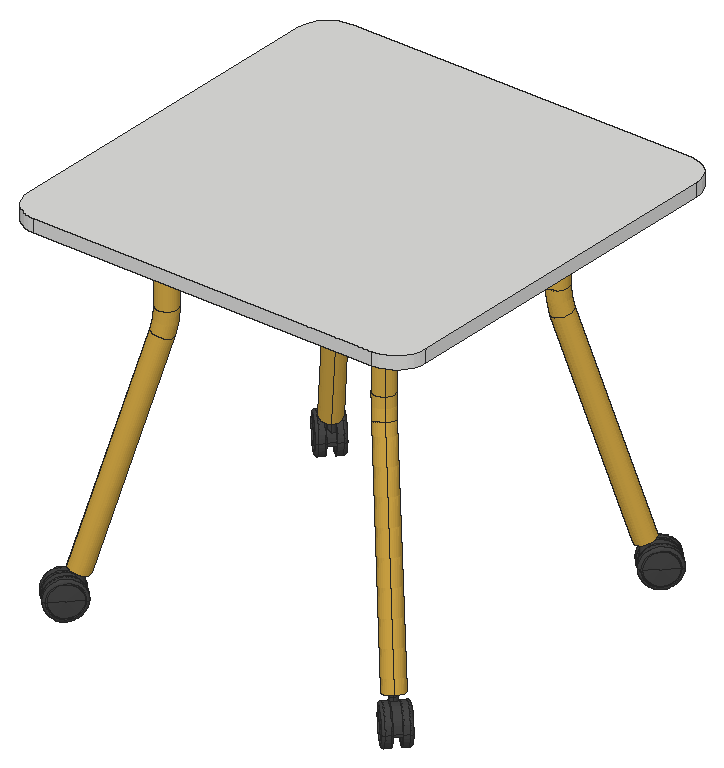
Revit family "DBLTD_TheSenatorGroup_OfficeTables_Colab", category Furniture, Revit 2021
Family settings
  OmniClass Number = 23.40.20.00
  OmniClass Title = General Furniture and Specialties
  Work Plane-Based = No
  Always vertical = Yes
  Cut with Voids When Loaded = No
  Shared = Yes
  Room Calculation Point = No
Parameters (values of type "740mm H x 800mm W x 800mm D")
  WorktopMaterial = DBLTD_TheSenatorGroup_Wood_LightGrey
  WorksurfaceArea = NominalWidth * NominalDepth  # 0.64 m²
  WarrantyStartDate [instance] = " "
  WarrantyGuarantorParts = "https://www.thesenatorgroup.com/"
  WarrantyGuarantorLabor = "https://www.thesenatorgroup.com/"
  WarrantyDurationUnit = "years"
  WarrantyDurationParts = "5"
  WarrantyDurationLabor = "5"
  WarrantyDescription = "The Senator Group warrants that its manufactured products are free from manufacturing defects - in materials or workmanship - for a period of five (5) years.\r\nAllermuir will repair, or replace (at Allermuir’s sole discretion) with comparable free of charge materials/ components, any product/ component which fails under normal use in a single shift environment, as a result of a defect in the materials and/or workmanship.\r\n\r\nExceptions -\r\nNon-standard product - 2 years\r\nScreen-mounted Accessories/ Dry-wipe Boards - 2 years\r\nElectrical and/or electronic componentry - 2 years\r\n\r\nExclusions - Allermuir does not warrant:\r\nFailure due to normal “Wear and Tear”.\r\nNatural variations in appearance of wood - its grain, figure and colour.\r\nChanges in surface appearance resulting from exposure to light, and the natural ageing process of wood.\r\nChanges in surface appearance resulting from the misuse of cleaning materials and methods/ damage form sharp objects/ imprinting from writing implements.\r\nNatural variations in Leather - its marks, scars and wrinkles.\r\nProduct stored/ exposed to extreme operational conditions.\r\nConsumable components such as Fuses/ Lights/ lamps/ transformers/etc.\r\nOther Manufacturer’s product supplied by Allermuir (their own warranty shall apply where possible).\r\nNon-standard fabrics/ finishes or veneers used. Allermuir only checks the manufacturing quality of Customer’s\r\nOwn Material (COM) and provides no warranty for the finish/ fabric itself.\r\nProduct which has not been installed/ moved/ reconfigured by Allermuir approved personnel.\r\nAllermuir shall be under no liability whatsoever for any consequential damage, loss or other expenses whether arising out of contract, negligence or otherwise."
  Version = "1"
  Uniclass2015Version = "Products v1.15"
  Uniclass2015Title = "Office tables"
  Uniclass2015Code = "Pr_40_50_21_60"
  URL = "https://www.thesenatorgroup.com/"
  Type Comments = ModelReference  # "740mm H x 800mm W x 800mm D"
  TagNumber [instance] = " "
  SustainabilityPerformance = "n/a"
  SquareRecTop = yes
  Size = "740 x 800 x 800 mm"
  Shape = "Square"
  SerialNumber [instance] = " "
  Revision = ""
  ReplacementCost = "n/a"
  ProductInformation = "https://www.senator.online/en/Ranges/colab-tables"
  NumberOfChairs = 0
  NominalWidth = 800 mm
  NominalHeight [instance] = 740 mm
  NominalDepth = 800 mm
  Name = "Table"
  ModelReference = "740mm H x 800mm W x 800mm D"
  ModelNumber = "CB08SQ"
  Model = ModelNumber  # "CB08SQ"
  Material = "Frame: Metal. Top: 25mm MFC"
  ManufacturerURL = "https://www.thesenatorgroup.com/"
  ManufacturerName = "The Senator Group"
  LowLeg = yes
  Keynote = Category  # "Pr_40_50_21_60 Office tables"
  InstallationDate [instance] = " "
  HighLeg = no
  Grade = "n/a"
  FrameWidth = 460 mm
  FrameMaterial [instance] = DBLTD_TheSenatorGroup_Metal_HoneyYellow
  FrameDepth = 460 mm
  Finish = Color  # "Frame; Honey Yellow | Forest Green | Smoke Grey | Ocean Blue. Top; UM Urban Maple | WH White | WK Winter Oak | SO Strata Oak | LY Clay | CW Carini Walnut | AT Autumn | BH Beech | HD Highland Oak | DN Denim | LG Light Grey"
  Features = "Lockable castors available"
  ExpectedLife = "5"
  DurationUnit = "years"
  Cost = 0
  Constituents = "Frame, Top"
  Color = "Frame; Honey Yellow | Forest Green | Smoke Grey | Ocean Blue. Top; UM Urban Maple | WH White | WK Winter Oak | SO Strata Oak | LY Clay | CW Carini Walnut | AT Autumn | BH Beech | HD Highland Oak | DN Denim | LG Light Grey"
  CodePerformance = "n/a"
  CircleTop = no
  Category = "Pr_40_50_21_60 Office tables"
  Manufacturer = ManufacturerName  # "The Senator Group"
  Description = ModelReference  # "740mm H x 800mm W x 800mm D"
  Default Elevation = 0 mm
  BarCode [instance] = " "
  Author = "Diane Butterworth Ltd"
  AssetType = "Movable"
  AssetIdentifier [instance] = " "
  Assembly Code = "E2020200"
  AccessibilityPerformance = "n/a"
Types (9, lengths in mm): name | WorksurfaceArea | Type Comments | SquareRecTop | Size | Shape | NominalWidth | NominalHeight | NominalDepth | ModelReference | ModelNumber | Model | LowLeg | HighLeg | FrameWidth | FrameDepth | CircleTop | Description
  740mm H x 800mm W x 800mm D | 0.64 m² | "740mm H x 800mm W x 800mm D" | yes | "740 x 800 x 800 mm" | "Square" | 800 | 740 | 800 | "740mm H x 800mm W x 800mm D" | "CB08SQ" | "CB08SQ" | yes | no | 460 | 460 | no | "740mm H x 800mm W x 800mm D"
  740mm H x 1200mm W x 1200mm D | 1.44 m² | "740mm H x 1200mm W x 1200mm D" | yes | "740 x 1200 x 1200 mm" | "Square" | 1200 | 740 | 1200 | "740mm H x 1200mm W x 1200mm D" | "CB12SQ" | "CB12SQ" | yes | no | 860 | 860 | no | "740mm H x 1200mm W x 1200mm D"
  740mm H x 1600mm W x 800mm D | 1.28 m² | "740mm H x 1600mm W x 800mm D" | yes | "740 x 1600 x 800 mm" | "Rectangular" | 1600 | 740 | 800 | "740mm H x 1600mm W x 800mm D" | "CB1608R" | "CB1608R" | yes | no | 1260 | 460 | no | "740mm H x 1600mm W x 800mm D"
  740mm H x 2000mm W x 900mm D | 1.60 m² | "740mm H x 2000mm W x 900mm D" | yes | "740 x 2000 x 900 mm" | "Rectangular" | 2000 | 740 | 800 | "740mm H x 2000mm W x 900mm D" | "CB2009R" | "CB2009R" | yes | no | 1660 | 560 | no | "740mm H x 2000mm W x 900mm D"
  1050mm H x 800mm W x 800mm D | 0.64 m² | "1050mm H x 800mm W x 800mm D" | yes | "1050 x 800 x 800 mm" | "Square" | 800 | 1050 | 800 | "1050mm H x 800mm W x 800mm D" | "CB08SQH" | "CB08SQH" | no | yes | 460 | 460 | no | "1050mm H x 800mm W x 800mm D"
  1050mm H x 1600mm W x 800mm D | 1.28 m² | "1050mm H x 1600mm W x 800mm D" | yes | "1050 x 1600 x 800 mm" | "Rectangular" | 1600 | 1050 | 800 | "1050mm H x 1600mm W x 800mm D" | "CB1608RH" | "CB1608RH" | no | yes | 1260 | 460 | no | "1050mm H x 1600mm W x 800mm D"
  740mm H x 800mm Dia | 0.64 m² | "740mm H x 800mm Dia" | no | "740 x 800 x 800 mm" | "Circle" | 800 | 740 | 800 | "740mm H x 800mm Dia" | "CB08R" | "CB08R" | yes | no | 310 | 310 | yes | "740mm H x 800mm Dia"
  740mm H x 1200mm Dia | 1.44 m² | "740mm H x 1200mm Dia" | no | "740 x 1200 x 1200 mm" | "Circle" | 1200 | 740 | 1200 | "740mm H x 1200mm Dia" | "CB12R" | "CB12R" | yes | no | 545 | 545 | yes | "740mm H x 1200mm Dia"
  1050mm H x 800mm Dia | 0.64 m² | "1050mm H x 800mm Dia" | no | "1050 x 800 x 800 mm" | "Circle" | 800 | 1050 | 800 | "1050mm H x 800mm Dia" | "CB08RH" | "CB08RH" | no | yes | 460 | 460 | yes | "1050mm H x 800mm Dia"
Reference planes
  plane 1 "Center (Front/Back)": y = 0
  plane 2: z = 0
  plane 3 "Center (Left/Right)": x = 0
  plane 4: z = 740
  plane 5: z = 715
  plane 6: x = -400
  plane 7: x = 400
  plane 8: y = 400
  plane 9: y = -400
  plane 10: x = -230
  plane 11: y = 230
  plane 12: x = 230
  plane 13: y = -230
  plane 14: z = 675
  plane 15: z = 535
  plane 16: z = 495
Forms (mm)
  Extrusion 1, solid, material "DBLTD_TheSenatorGroup_Wood_LightGrey" <- "WorktopMaterial", visible <- "SquareRecTop"
    sketch origin (0, 0, 0) x (1, 0, 0) y (0, 1, 0)
      loop
        arc (-340, 400) -> (-382.426, 382.426) -> (-400, 340) r 60
        line (-400, 340) -> (-400, -340)
        arc (-400, -340) -> (-382.426, -382.426) -> (-340, -400) r 60
        line (-340, -400) -> (340, -400)
        arc (340, -400) -> (382.426, -382.426) -> (400, -340) r 60
        line (400, -340) -> (400, 340)
        arc (400, 340) -> (382.426, 382.426) -> (340, 400) r 60
        line (340, 400) -> (-340, 400)
    from 715 to 740
  Extrusion 2, solid, material "DBLTD_TheSenatorGroup_Metal_HoneyYellow" <- "FrameMaterial"
    sketch origin (0, 0, 0) x (1, 0, 0) y (0, 1, 0)
      loop
        line (-230, 230) -> (-230, -230) -> (230, -230) -> (230, 230) -> (-230, 230)
      loop
        line (-200, 200) -> (-200, -200) -> (200, -200) -> (200, 200) -> (-200, 200)
    from 675 to 715
  Extrusion 3, solid, material "DBLTD_TheSenatorGroup_Metal_HoneyYellow" <- "FrameMaterial", visible <- "HighLeg"
    sketch origin (0, 0, 0) x (1, 0, 0) y (0, 1, 0)
      loop
        line (-15.757, 20) -> (-215.937, 220.18) -> (-220.18, 215.937) -> (-16, 11.757) -> (-16, -11.757) -> (-220.18, -215.937) -> (-215.937, -220.18) -> (-15.757, -20) -> (15.757, -20) -> (215.937, -220.18) -> (220.18, -215.937) -> (16, -11.757) -> (16, 11.757) -> (220.18, 215.937) -> (215.937, 220.18) -> (15.757, 20) -> (-15.757, 20)
    from 495 to 535
  Extrusion 4, solid, material "DBLTD_TheSenatorGroup_Wood_LightGrey" <- "WorktopMaterial", visible <- "CircleTop"
    sketch origin (0, 0, 0) x (1, 0, 0) y (0, 1, 0)
      loop
        circle (0, 0) r 400
    from 715 to 740
Dimensions and locks
  "NominalHeight": plane 4 to level
  plane 4 to plane 5 = 25 mm
  equal spacing: plane 6, plane 3 "Center (Left/Right)", plane 7
  equal spacing: plane 8, plane 1 "Center (Front/Back)", plane 9
  "NominalWidth": plane 6 to plane 7
  "NominalDepth": plane 8 to plane 9
  equal spacing: plane 10, plane 3 "Center (Left/Right)", plane 12
  equal spacing: plane 11, plane 1 "Center (Front/Back)", plane 13
  "FrameDepth": plane 11 to plane 13
  "FrameWidth": plane 10 to plane 12
  locked: plane 5 to plane 14 at 40
  locked: nested 1 to plane 10 at 8.358
  locked: nested 1 to plane 11 at 8.358
  locked: nested 3 to plane 12 at 8.358
  locked: nested 3 to plane 11 at 8.358
  locked: nested 4 to plane 10 at 8.358
  locked: nested 4 to plane 13 at 8.358
  locked: nested 5 to plane 12 at 8.358
  locked: nested 5 to plane 13 at 8.358
  locked: nested 6 to plane 11 at 8.058
  locked: nested 6 to plane 10 at 8.058
  locked: nested 8 to plane 11 at 8.058
  locked: nested 8 to plane 12 at 8.058
  locked: nested 9 to plane 13 at 8.058
  locked: nested 9 to plane 10 at 8.058
  locked: nested 10 to plane 13 at 8.058
  locked: nested 10 to plane 12 at 8.058
  locked: plane 14 to plane 15 at 140
  locked: plane 15 to plane 16 at 40
  "NominalWidth": diameter of Extrusion 4 sketch curve
  aligned and locked: level to plane 2
  aligned and locked: Extrusion 1 sketch curve to plane 8
  aligned and locked: plane 6 to Extrusion 1 sketch curve
  aligned and locked: plane 9 to Extrusion 1 sketch curve
  aligned and locked: Extrusion 1 sketch curve to plane 7
  aligned and locked: plane 4 to Extrusion 1
  aligned and locked: Extrusion 1 to plane 5
  aligned and locked: plane 10 to Extrusion 2 sketch curve
  aligned and locked: Extrusion 2 sketch curve to plane 13
  aligned and locked: Extrusion 2 sketch curve to plane 11
  aligned and locked: Extrusion 2 sketch curve to plane 12
  aligned and locked: plane 5 to Extrusion 2
  aligned and locked: Extrusion 2 to plane 14
  aligned and locked: plane 15 to Extrusion 3
  aligned and locked: Extrusion 3 to plane 16
  aligned and locked: Extrusion 3 sketch curve to nested 8
  aligned and locked: Extrusion 3 sketch curve to nested 6
  aligned and locked: Extrusion 3 sketch curve to nested 9
  aligned and locked: Extrusion 3 sketch curve to nested 10
  aligned and locked: plane 4 to Extrusion 4
  aligned and locked: Extrusion 4 to plane 5
Automatic sketch dimensions
  plane 6 to Extrusion 1 sketch curve = 60 mm
  Extrusion 1 sketch curve to Extrusion 1 sketch curve = 60 mm
  Extrusion 1 sketch curve to plane 7 = 60 mm  (x2)
  plane 10 to Extrusion 2 sketch curve = 30 mm
  Extrusion 2 sketch curve to plane 12 = 30 mm
  Extrusion 2 sketch curve to plane 13 = 30 mm
  Extrusion 2 sketch curve to plane 11 = 30 mm
  plane 10 to Extrusion 3 sketch curve = 9.82 mm
  Extrusion 3 sketch curve to Extrusion 3 sketch curve = 4.243 mm  (x3)
  Extrusion 3 sketch curve to plane 13 = 9.82 mm  (x2)
  Extrusion 3 sketch curve to Extrusion 3 sketch curve = 0.243 mm  (x3)
  plane 1 "Center (Front/Back)" to Extrusion 3 sketch curve = 11.757 mm
  Extrusion 3 sketch curve to Extrusion 3 sketch curve = 0 mm
  Extrusion 3 sketch curve to Extrusion 3 sketch curve = 8.243 mm
  plane 1 "Center (Front/Back)" to Extrusion 4 sketch curve = 0 mm
  Extrusion 4 sketch curve to plane 3 "Center (Left/Right)" = 0 mm
Nested families
  nested 1: "Nested_DBLTD_TheSenatorGroup_OfficeTables_Colab_Legs_Low" at (-218.358, 218.358, 0) x (0.7071, -0.7071, 0) z (0, 0, 1), FrameMaterial <- "FrameMaterial", visible <- "LowLeg", type "Nested_DBLTD_TheSenatorGroup_OfficeTables_Colab_Legs_Low"
    with FrameMaterial DBLTD_TheSenatorGroup_Metal_HoneyYellow
  nested 2: "Nested_DBLTD_TheSenatorGroup_OfficeTables_Colab_Legs_Low" at (-217.5, 417.5, 0) x (0.7071, -0.7071, 0) z (0, 0, 1), FrameMaterial <- "FrameMaterial", visible <- "LowLeg", type "Nested_DBLTD_TheSenatorGroup_OfficeTables_Colab_Legs_Low", not visible
    with FrameMaterial DBLTD_TheSenatorGroup_Metal_HoneyYellow
  nested 3: "Nested_DBLTD_TheSenatorGroup_OfficeTables_Colab_Legs_Low" at (218.358, 218.358, 0) x (-0.7071, -0.7071, 0) z (0, 0, 1), FrameMaterial <- "FrameMaterial", visible <- "LowLeg", type "Nested_DBLTD_TheSenatorGroup_OfficeTables_Colab_Legs_Low"
    with FrameMaterial DBLTD_TheSenatorGroup_Metal_HoneyYellow
  nested 4: "Nested_DBLTD_TheSenatorGroup_OfficeTables_Colab_Legs_Low" at (-218.358, -218.358, 0) x (0.7071, 0.7071, 0) z (0, 0, 1), FrameMaterial <- "FrameMaterial", visible <- "LowLeg", type "Nested_DBLTD_TheSenatorGroup_OfficeTables_Colab_Legs_Low"
    with FrameMaterial DBLTD_TheSenatorGroup_Metal_HoneyYellow
  nested 5: "Nested_DBLTD_TheSenatorGroup_OfficeTables_Colab_Legs_Low" at (218.358, -218.358, 0) x (-0.7071, 0.7071, 0) z (0, 0, 1), FrameMaterial <- "FrameMaterial", visible <- "LowLeg", type "Nested_DBLTD_TheSenatorGroup_OfficeTables_Colab_Legs_Low"
    with FrameMaterial DBLTD_TheSenatorGroup_Metal_HoneyYellow
  nested 6: "Nested_DBLTD_TheSenatorGroup_OfficeTables_Colab_Legs_High" at (-218.058, 218.058, 0) x (0.7071, -0.7071, 0) z (0, 0, 1), FrameMaterial <- "FrameMaterial", visible <- "HighLeg", type "Nested_DBLTD_TheSenatorGroup_OfficeTables_Colab_Legs_High"
    with FrameMaterial DBLTD_TheSenatorGroup_Metal_HoneyYellow
  nested 7: "Nested_DBLTD_TheSenatorGroup_OfficeTables_Colab_Legs_High" at (-217.5, 417.5, 0) x (0.7071, -0.7071, 0) z (0, 0, 1), FrameMaterial <- "FrameMaterial", visible <- "HighLeg", type "Nested_DBLTD_TheSenatorGroup_OfficeTables_Colab_Legs_High", not visible
    with FrameMaterial DBLTD_TheSenatorGroup_Metal_HoneyYellow
  nested 8: "Nested_DBLTD_TheSenatorGroup_OfficeTables_Colab_Legs_High" at (218.058, 218.058, 0) x (-0.7071, -0.7071, 0) z (0, 0, 1), FrameMaterial <- "FrameMaterial", visible <- "HighLeg", type "Nested_DBLTD_TheSenatorGroup_OfficeTables_Colab_Legs_High"
    with FrameMaterial DBLTD_TheSenatorGroup_Metal_HoneyYellow
  nested 9: "Nested_DBLTD_TheSenatorGroup_OfficeTables_Colab_Legs_High" at (-218.058, -218.058, 0) x (0.7071, 0.7071, 0) z (0, 0, 1), FrameMaterial <- "FrameMaterial", visible <- "HighLeg", type "Nested_DBLTD_TheSenatorGroup_OfficeTables_Colab_Legs_High"
    with FrameMaterial DBLTD_TheSenatorGroup_Metal_HoneyYellow
  nested 10: "Nested_DBLTD_TheSenatorGroup_OfficeTables_Colab_Legs_High" at (218.058, -218.058, 0) x (-0.7071, 0.7071, 0) z (0, 0, 1), FrameMaterial <- "FrameMaterial", visible <- "HighLeg", type "Nested_DBLTD_TheSenatorGroup_OfficeTables_Colab_Legs_High"
    with FrameMaterial DBLTD_TheSenatorGroup_Metal_HoneyYellow
Definition of nested family "Nested_DBLTD_TheSenatorGroup_OfficeTables_Colab_Legs_Low"
  Parameters
    FrameMaterial [instance] = none
    Default Elevation = 0 mm
  Reference planes
    plane 1 "Center (Front/Back)": y = 0
    plane 2: z = 0
    plane 3 "Center (Left/Right)": x = 0
  Forms (mm)
    Sweep 1, solid, material <- "FrameMaterial"
      path origin (0, 0, 0) x (1, 0, 0) y (0, 0, 1)
        loop
          line (0, 715.165) -> (0, 547.321)
          arc (0, 547.321) -> (-1.843, 523.105) -> (-7.33, 499.447) r 160
          line (-7.33, 499.447) -> (-138.56, 80.958)
      profile origin (0, 0, 631.243) x (0, -1, 0) y (1, 0, 0)
        loop
          circle (0, 0) r 20
    Revolve 2, solid
      sketch origin (-161.841, 0, 37.5) x (-1, 0, 0) y (0, -1, 0)
        loop
          line (0, 0) -> (0, -25)
          arc (0, -25) -> (15.592, -24.395) -> (31.091, -22.585) r 201.311
          line (31.091, -22.585) -> (31.091, -25) -> (32.5, -25)
          arc (32.5, -25) -> (36.036, -23.536) -> (37.5, -20) r 5
          line (37.5, -20) -> (37.5, -9.318)
          arc (37.5, -9.318) -> (37.165, -8.703) -> (36.51, -8.458) r 1
          line (36.51, -8.458) -> (35.612, -8.458) -> (35.612, 8.458) -> (36.51, 8.458)
          arc (36.51, 8.458) -> (37.165, 8.703) -> (37.5, 9.318) r 1
          line (37.5, 9.318) -> (37.5, 20)
          arc (37.5, 20) -> (36.036, 23.536) -> (32.5, 25) r 5
          line (32.5, 25) -> (31.091, 25) -> (31.091, 22.585)
          arc (31.091, 22.585) -> (15.592, 24.395) -> (0, 25) r 201.311
          line (0, 25) -> (0, 0)
        axis (0, -25) -> (0, 25)
      angle from 0 to 360
    Extrusion 3, void
      sketch origin (118.098, 236.44, 0) x (-1, 0, 0) y (0, 0, 1)
        loop
          line (236.547, 32.5) -> (236.547, 0) -> (321.619, 0) -> (321.619, 32.5) -> (236.547, 32.5)
      from -244.899 to -227.982
    Revolve 4, solid
      sketch origin (125.68, 0.645, 5) x (-1, 0, 0) y (0, 0, 1)
        loop
          line (263.531, 87.042) -> (263.531, 48) -> (270.863, 48) -> (270.863, 69.454) -> (268.915, 69.454) -> (268.915, 87.042) -> (263.531, 87.042)
        axis (263.531, 48) -> (263.531, 87.042)
      angle from 0 to 360
  Cuts and joins
    Extrusion 3 cuts Revolve 2
  Dimensions and locks
    aligned and locked: level to plane 2
Definition of nested family "Nested_DBLTD_TheSenatorGroup_OfficeTables_Colab_Legs_High"
  Parameters
    FrameMaterial [instance] = none
    Default Elevation = 0 mm
  Reference planes
    plane 1 "Center (Front/Back)": y = 0
    plane 2: z = 0
    plane 3 "Center (Left/Right)": x = 0
  Forms (mm)
    Sweep 1, solid, material <- "FrameMaterial"
      path origin (0, 0, 0) x (1, 0, 0) y (0, 0, 1)
        loop
          line (0, 1025) -> (0, 547.321)
          arc (0, 547.321) -> (-1.843, 523.105) -> (-7.33, 499.447) r 160
          line (-7.33, 499.447) -> (-138.56, 80.958)
      profile origin (0, 0, 786.16) x (0, -1, 0) y (1, 0, 0)
        loop
          circle (0, 0) r 20
    Revolve 2, solid
      sketch origin (-161.841, 0, 37.5) x (-1, 0, 0) y (0, -1, 0)
        loop
          line (0, 0) -> (0, -25)
          arc (0, -25) -> (15.592, -24.395) -> (31.091, -22.585) r 201.311
          line (31.091, -22.585) -> (31.091, -25) -> (32.5, -25)
          arc (32.5, -25) -> (36.036, -23.536) -> (37.5, -20) r 5
          line (37.5, -20) -> (37.5, -9.318)
          arc (37.5, -9.318) -> (37.165, -8.703) -> (36.51, -8.458) r 1
          line (36.51, -8.458) -> (35.612, -8.458) -> (35.612, 8.458) -> (36.51, 8.458)
          arc (36.51, 8.458) -> (37.165, 8.703) -> (37.5, 9.318) r 1
          line (37.5, 9.318) -> (37.5, 20)
          arc (37.5, 20) -> (36.036, 23.536) -> (32.5, 25) r 5
          line (32.5, 25) -> (31.091, 25) -> (31.091, 22.585)
          arc (31.091, 22.585) -> (15.592, 24.395) -> (0, 25) r 201.311
          line (0, 25) -> (0, 0)
        axis (0, -25) -> (0, 25)
      angle from 0 to 360
    Extrusion 3, void
      sketch origin (118.098, 236.44, 0) x (-1, 0, 0) y (0, 0, 1)
        loop
          line (236.547, 32.5) -> (236.547, 0) -> (321.619, 0) -> (321.619, 32.5) -> (236.547, 32.5)
      from -244.899 to -227.982
    Revolve 4, solid
      sketch origin (125.68, 0.645, 5) x (-1, 0, 0) y (0, 0, 1)
        loop
          line (263.531, 87.042) -> (263.531, 48) -> (270.863, 48) -> (270.863, 69.454) -> (268.915, 69.454) -> (268.915, 87.042) -> (263.531, 87.042)
        axis (263.531, 48) -> (263.531, 87.042)
      angle from 0 to 360
  Cuts and joins
    Extrusion 3 cuts Revolve 2
  Dimensions and locks
    aligned and locked: level to plane 2
